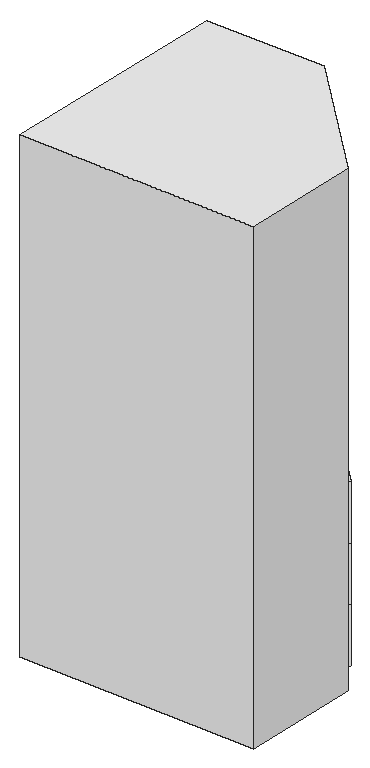
Revit family "00cd65176dd24d4f83ed3f07de06ff82", category Casework, host Wall, Revit 2021
Family settings
  Host = Wall
  OmniClass Number = 23.40.35.17.47.11
  OmniClass Title = Kitchen Casework
  Seek Item ID = Upper Cabinet-Corner Unit Tall 1-Wall-0000-USA-ENU
  Always vertical = Yes
  Cut with Voids When Loaded = No
  Shared = No
  Room Calculation Point = No
Parameters (values of type "12" Depth")
  Default Elevation = 0' - 0"
  Assembly Code = "C1030410"
  Cabinet Material = none
  Depth = 1' - 0"
  Door/Drawer Material = none
  Height = 4' - 0"
  Top Of Cabinet = 7' - 0"
  Width = 0' - 0"
Reference planes (in)
  plane 1: y = 0
  plane 2: x = 10.17209
  plane 3: x = -1.82791
  plane 4: z = 36
  plane 5: z = 84
  plane 6: y = 15
  plane 7: y = 3
  plane 8: z = 54
  plane 9: y = 27
  plane 10: x = 22.17209
  plane 11: z = 55.25
  plane 12: z = 48.34375
  plane 13: z = 42.6875
  plane 14: z = 37.03125
  plane 15 "t": z = 81.75
Forms (in)
  Extrusion 1, solid, material <- "Cabinet Material"
    sketch origin (0, 0, 36) x (0, 1, 0) y (1, 0, 0)
      loop
        line (3, -1.82791) -> (27, -1.82791) -> (27, 10.17209) -> (26.25, 9.86143) -> (26.25, -1.07791) -> (3.75, -1.07791) -> (3.75, 21.42209) -> (14.68934, 21.42209) -> (15, 22.17209) -> (3, 22.17209) -> (3, -1.82791)
    from 0 to -48
  Extrusion 2, solid, material <- "Cabinet Material"
    sketch origin (0, 0, 36) x (0, 1, 0) y (1, 0, 0)
      loop
        line (3.75, -1.07791) -> (26.25, -1.07791) -> (26.25, 9.86143) -> (14.68934, 21.42209) -> (3.75, 21.42209) -> (3.75, -1.07791)
    from 0 to -1.03125
  Extrusion 3, solid, material <- "Cabinet Material"
    sketch origin (0, 0, 84) x (0, 1, 0) y (1, 0, 0)
      loop
        line (26.25, 9.86143) -> (14.68934, 21.42209) -> (3.75, 21.42209) -> (3.75, -1.07791) -> (26.25, -1.07791) -> (26.25, 9.86143)
    from 0 to 1
  Extrusion 4, solid, material <- "Cabinet Material"
    sketch origin (0, 0, 36) x (0, 1, 0) y (1, 0, 0)
      loop
        line (26.25, 9.86143) -> (27, 10.17209) -> (15, 22.17209) -> (14.68934, 21.42209) -> (26.25, 9.86143)
    from 0 to -48
  Extrusion 5, void
    sketch origin (0, 0, 36) x (1, 0, 0) y (0, 1, 0)
      loop
        line (11.23275, 24.87868) -> (20.05077, 16.06066) -> (20.5811, 16.59099) -> (11.76308, 25.40901) -> (11.23275, 24.87868)
    from 19.25 to 45.75
  Extrusion 6, solid, material <- "Door/Drawer Material"
    sketch origin (-0.17156, -0.17156, 61.25) x (-1, 0, 0) y (0, 1, 0)
      loop
        line (-12.28819, 25.93412) -> (-21.10621, 17.1161) -> (-20.22233, 16.23222) -> (-11.40431, 25.05024) -> (-12.28819, 25.93412)
    from 7.25 to 12.90625
  Extrusion 7, void
    sketch origin (0, 0, 36) x (1, 0, 0) y (0, 1, 0)
      loop
        line (11.23275, 24.87868) -> (20.05077, 16.06066) -> (20.5811, 16.59099) -> (11.76308, 25.40901) -> (11.23275, 24.87868)
    from 1.03125 to 18
  Extrusion 8, solid, material <- "Door/Drawer Material"
    sketch origin (0, 0, 36) x (0, 1, 0) y (1, 0, 0)
      loop
        line (16.94454, 20.93466) -> (16.06066, 20.05077) -> (24.87868, 11.23275) -> (25.76256, 12.11664) -> (16.94454, 20.93466)
    from -6.6875 to -1.03125
  Extrusion 9, solid, material <- "Door/Drawer Material"
    sketch origin (0, 0, 36) x (0, 1, 0) y (1, 0, 0)
      loop
        line (16.94454, 20.93466) -> (16.06066, 20.05077) -> (24.87868, 11.23275) -> (25.76256, 12.11664) -> (16.94454, 20.93466)
    from -12.34375 to -6.6875
  Extrusion 10, solid, material <- "Door/Drawer Material"
    sketch origin (0, 0, 81.75) x (0, 1, 0) y (1, 0, 0)
      loop
        line (24.87868, 11.23275) -> (25.58579, 11.93986) -> (16.76777, 20.75788) -> (16.06066, 20.05077) -> (24.87868, 11.23275)
    from 0 to 26.5
Cuts and joins
  Extrusion 5, Extrusion 7 cuts Extrusion 1
  Extrusion 5, Extrusion 7 cuts Extrusion 3
  Extrusion 5, Extrusion 7 cuts Extrusion 4
  joined: Extrusion 1, Extrusion 3, Extrusion 4
  Extrusion 5, Extrusion 7 cuts Extrusion 2
  Extrusion 7 cuts Extrusion 6
Lines and regions (in)
  Masking region 1
    outline origin (0, 0, 81.75) x (0, 1, 0) y (-1, 0, 0)
      loop
        line (3, 1.82791) -> (3, -22.17209) -> (15, -22.17209) -> (27, -10.17209) -> (27, 1.82791) -> (3, 1.82791)
Text (in)
  text "Placement Side" at (0, 9.90229, 103.19744), in view "Right"
  text "Placement Side" at (-58.99189, 16.07582, 0), in view "Floor Line"
  text "Placement Side" at (0, 67.21536, 105.3046), in view "Left"
Dimensions and locks (in)
  "Height": plane 4 to plane 5
  "Top Of Cabinet": level to plane 5
  locked: plane 8 to plane 5 at 30
  locked: plane 8 to plane 11 at 1.25
  locked: plane 9 to plane 6 at 12
  locked: plane 2 to plane 10 at 12
  equal spacing: plane 14, plane 13, plane 12, plane 8
  locked: plane 4 to plane 14 at 1.03125
  locked: plane 15 "t" to plane 5 at 2.25
  "Depth": plane 6 to plane 7
  "Depth": plane 3 to plane 2
  aligned and locked: plane 7 to host wall
  aligned and locked: Extrusion 1 to plane 5
  aligned and locked: Extrusion 4 to plane 5
  aligned and locked: Extrusion 6 to plane 8
  aligned and locked: plane 12 to Extrusion 6
  aligned and locked: Extrusion 7 to plane 8
  aligned and locked: Extrusion 9 to plane 12
  aligned and locked: plane 13 to Extrusion 9
  aligned and locked: Extrusion 8 to plane 13
  aligned and locked: Extrusion 7 to cut or joined group of Extrusion 2, Extrusion 5, Extrusion 7
  aligned and locked: Extrusion 8 to cut or joined group of Extrusion 2, Extrusion 5, Extrusion 7
  aligned and locked: plane 15 "t" to Extrusion 5
  aligned and locked: plane 11 to Extrusion 5
  aligned and locked: plane 3 to Masking region 1 sketch curve
  aligned and locked: plane 9 to Masking region 1 sketch curve
  aligned and locked: plane 10 to Masking region 1 sketch curve
  aligned and locked: Masking region 1 sketch curve to plane 7
  aligned and locked: Masking region 1 sketch curve to cut or joined group of Extrusion 1, Extrusion 3, Extrusion 4, Extrusion 5, Extrusion 7
Automatic sketch dimensions
  Extrusion 1 sketch curve to host wall = 0' - 0"
  Extrusion 1 sketch curve to plane 6 = 0' - 0"
  Extrusion 1 sketch curve to plane 2 = 0' - 0"
  Extrusion 1 sketch curve to plane 9 = 0' - 0"
  Extrusion 1 sketch curve to plane 10 = 0' - 0"
  Extrusion 1 sketch curve to plane 3 = 0' - 0"
  host wall to Extrusion 1 sketch curve = 0' - 0 3/4"
  Extrusion 1 sketch curve to plane 6 = 0' - 0.31066"
  Extrusion 1 sketch curve to Extrusion 1 sketch curve = 0' - 0 3/4"
  plane 3 to Extrusion 1 sketch curve = 0' - 0 3/4"
  host wall to Extrusion 2 sketch curve = 0' - 0 3/4"
  Extrusion 2 sketch curve to plane 6 = 0' - 0.31066"
  Extrusion 2 sketch curve to plane 2 = 0' - 0.31066"
  plane 9 to Extrusion 2 sketch curve = 0' - 0 3/4"
  plane 10 to Extrusion 2 sketch curve = 0' - 0 3/4"
  plane 3 to Extrusion 2 sketch curve = 0' - 0 3/4"
  host wall to Extrusion 3 sketch curve = 0' - 0 3/4"
  Extrusion 3 sketch curve to plane 6 = 0' - 0.31066"
  plane 3 to Extrusion 3 sketch curve = 0' - 0 3/4"
  plane 9 to Extrusion 3 sketch curve = 0' - 0 3/4"
  Extrusion 3 sketch curve to plane 2 = 0' - 0.31066"
  plane 10 to Extrusion 3 sketch curve = 0' - 0 3/4"
  plane 10 to Extrusion 1 sketch curve = 0' - 0 3/4"
  Extrusion 1 sketch curve to plane 2 = 0' - 0.31066"
  Extrusion 4 sketch curve to plane 6 = 0' - 0"
  Extrusion 4 sketch curve to plane 2 = 0' - 0"
  Extrusion 4 sketch curve to plane 9 = 0' - 0"
  Extrusion 4 sketch curve to plane 10 = 0' - 0"
  Extrusion 4 sketch curve to plane 6 = 0' - 0.31066"
  Extrusion 4 sketch curve to plane 2 = 0' - 0.31066"
  plane 9 to Extrusion 4 sketch curve = 0' - 0 3/4"
  plane 10 to Extrusion 4 sketch curve = 0' - 0 3/4"
  plane 2 to Extrusion 5 sketch curve = 0' - 1.06066"
  Extrusion 5 sketch curve to Extrusion 5 sketch curve = 0' - 0.53033"  (x2)
  plane 6 to Extrusion 5 sketch curve = 0' - 1.06066"
  plane 2 to Extrusion 5 sketch curve = 0' - 9.87868"
  plane 10 to Extrusion 6 sketch curve = 0' - 1.23744"
  plane 6 to Extrusion 6 sketch curve = 0' - 1.06066"
  Extrusion 6 sketch curve to Extrusion 6 sketch curve = 0' - 0.88388"  (x2)
  plane 2 to Extrusion 6 sketch curve = 0' - 1.94454"
  plane 2 to Extrusion 7 sketch curve = 0' - 1.06066"
  Extrusion 7 sketch curve to Extrusion 7 sketch curve = 0' - 0.53033"  (x2)
  plane 6 to Extrusion 7 sketch curve = 0' - 1.06066"
  plane 10 to Extrusion 7 sketch curve = 0' - 2.12132"
  plane 6 to Extrusion 9 sketch curve = 0' - 1.06066"
  Extrusion 9 sketch curve to Extrusion 9 sketch curve = 0' - 0.88388"  (x2)
  plane 2 to Extrusion 9 sketch curve = 0' - 1.06066"
  plane 9 to Extrusion 9 sketch curve = 0' - 2.12132"
  plane 6 to Extrusion 10 sketch curve = 0' - 1.06066"
  Extrusion 10 sketch curve to Extrusion 10 sketch curve = 0' - 0.70711"  (x2)
  plane 2 to Extrusion 10 sketch curve = 0' - 1.06066"
  plane 9 to Extrusion 10 sketch curve = 0' - 2.12132"
  plane 6 to Extrusion 8 sketch curve = 0' - 1.06066"
  plane 10 to Extrusion 8 sketch curve = 0' - 1.23744"
  Extrusion 8 sketch curve to Extrusion 8 sketch curve = 0' - 0.88388"  (x2)
  plane 9 to Extrusion 8 sketch curve = 0' - 2.12132"
